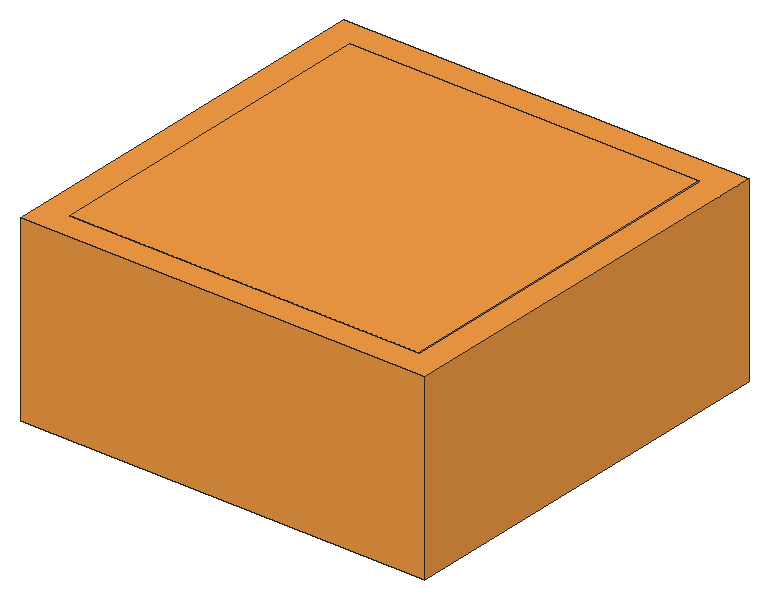
Revit family "Detector óptico de humos a 24V_Aguilera Electronica", category Dispositivos de alarma de incendios, Revit 2017
Family settings
  Anfitrión = Cara
  Mantener orientación de anotación = Sí
  Cota de conector redondo = Diámetro de uso
  Tipo de pieza = Normal
  Número OmniClass = 23.85.30.21.11.11.11
  Título OmniClass = Smoke Detectors
  Corte con vacíos al cargar = No
  Compartido = No
  Punto de cálculo de habitación = No
Parameters (values of type "Detector óptico de humos a 24V con enclavamiento con suplemento para superficie")
  Zona de acción 80 m2 = yes
  Zona de acción 60 m2 = yes
  Símbolo = yes
  Suplemento para superficie = yes
  Símbolo texto modelo = yes
  Radio = Diámetro / 2  # 52.5 mm
  Carcasa = Carcasa ABS
  Altura 3 = 48 mm  # constant formula
  Altura 2 = 30 mm
  URL = "https://aguilera.es/?productos=detector-optico-de-humos-a-24-v"
  Modelo = "AE002/OP + AE/C5-ZA"
  Fabricante = "Aguilera Electrónica"  # constant formula
  Default Elevation = 0 mm  # constant formula
  Diámetro = 105 mm  # constant formula
  Descripción = "Detector de humos del tipo óptico que opera según elprincipio de luz dispersa (efecto Tyndall). Permite detectarlos incendios en su primera fase de humos, antes deque se formen llamas o de que se produzcan aumentospeligrosos de temperatura. Con enclavamiento: Una vez que el detector entraen alarma debido a la presencia de humo, permaneceen estado de alarma. Para reponerlo y volver alestado de reposo es necesario quitarle la alimentacióndurante unos segundos.Con rearme automático: El detector pasa a estadode alarma en presencia de partículas de humo, y cuando este humo desaparece vuelve al estado de reposo."  # constant formula
  Type Comments = "Desarrollado y fabricado por Aguilera Electrónica según norma UNE EN54-7.\r\n\r\nCertificado por AENOR.\r\n\r\nFormado por cámara oscura, diseñada con un laberinto que permite entrar el humo pero no la luz, provista de emisor y receptor que operan según el principio de luz dispersa y un circuito con la electrónica adecuada para un correcto control.\r\n\r\nSalida para indicador de alarma remota, estabilizador de tensión y chequeo automático de funcionamiento, visible en el led luminoso el cual queda enclavado cuando entra en alarma. Montado en carcasa de ABS blanco de 105 Ø x 68 mm de alto.\r\n\r\nConsumo máximo: 180 ?A en reposo y 22 mA en alarma.\r\n"  # constant formula
  Altura 1 = 20 mm  # constant formula
Types (9, lengths in mm): name | Suplemento para superficie | Carcasa | Altura 2 | Modelo
  (no name) | yes | Carcasa ABS | 30 | "AE002/OP + AE/C5-ZA"
  Detector óptico de humos a 24V con enclavamiento | no | Carcasa ABS | 1 | "AE002/OP"
  Detector óptico de humos a 24V con enclavamiento con suplemento para superficie | yes | Carcasa ABS | 30 | "AE002/OP + AE/C5-ZA"
  Detector óptico de humos a 24V con enclavamiento con zócalo bajo | no | Carcasa ABS | 10 | "AE002/OP + AE/ZCB"
  Detector óptico de humos a 24V con enclavamiento con zócalo alto | no | Carcasa ABS | 22 | "AE002/OP + AE/ZCA"
  Detector óptico de humos a 24V con rearme automático | no | Carcasa ABS rojo | 1 | "AE002/OPS"
  Detector óptico de humos a 24V con rearme automático con suplemento para superficie | yes | Carcasa ABS rojo | 30 | "AE002/OPS + AE/C5-ZA"
  Detector óptico de humos a 24V con rearme automático con zócalo alto | no | Carcasa ABS rojo | 22 | "AE002/OPS + AE/ZCA"
  Detector óptico de humos a 24V con rearme automático con zócalo bajo | no | Carcasa ABS | 10 | "AE002/OPS + AE/ZCB"
Reference planes
  plane 1 "Centro (Frontal/Posterior)": y = 0
  plane 2: z = 0
  plane 3 "Centro (Izquierda/Derecha)": x = 0
  plane 4: z = 98
  plane 5: z = 50
  plane 6: z = 30
Forms (mm)
  Extrusion 1, solid
    sketch origin (0, 0, 0) x (1, 0, 0) y (0, 1, 0)
      loop
        line (-1219.2, 1219.2) -> (-1219.2, -1219.2) -> (1219.2, -1219.2) -> (1219.2, 1219.2) -> (-1219.2, 1219.2)
    from 0 to -304.8
  Revolve 2, solid, material "Carcasa ABS"
    sketch origin (0, 0, 0) x (0, 1, 0) y (0, 0, 1)
      loop
        line (-52.5, 30) -> (-52.5, 0) -> (0, 0) -> (0, 30) -> (-52.5, 30)
      axis (0, 30) -> (0, 0)
    angle from 0 to 360
  Extrusion 3, solid, material "Carcasa ABS", visible <- "Suplemento para superficie", detail levels medium+fine
    sketch origin (0, 0, 28.069) x (0, 1, 0) y (0, 0, 1)
      loop
        circle (0, -13.675) r 10
    from 46.956 to 49.451
  Extrusion 4, solid, material "Carcasa ABS", visible <- "Suplemento para superficie", detail levels medium+fine
    sketch origin (0, 0, 28.069) x (-1, 0, 0) y (0, 0, 1)
      loop
        circle (0, -13.675) r 10
    from 46.733 to 49.566
  Extrusion 5, solid, material "Carcasa ABS", visible <- "Suplemento para superficie", detail levels medium+fine
    sketch origin (0, 0, 28.069) x (0, 1, 0) y (0, 0, -1)
      loop
        circle (0, 13.675) r 10
    from 47.25 to 49.524
  Revolve 6, solid, material "Carcasa ABS" <- "Carcasa", detail levels medium+fine
    sketch origin (0, 0, 0) x (1, 0, 0) y (0, 0, 1)
      loop
        line (-18.204, 50) -> (0, 50) -> (0, 98) -> (-23.556, 98) -> (-29.289, 89.812) -> (-29.289, 54.812) -> (-47.248, 50)
        arc (-47.248, 50) -> (-50.962, 48.462) -> (-52.5, 44.748) r 5.252
        line (-52.5, 44.748) -> (-52.5, 30) -> (-18.204, 30) -> (-18.204, 50)
      axis (0, 30) -> (0, 98)
    angle from 0 to 360
  Extrusion 7, solid, material "Zona de acción", visible <- "Zona de acción 80 m2"
    sketch origin (-3703.865, 3705, 0) x (1, 0, 0) y (0, 1, 0)
      loop
        line (-746.135, -8155) -> (8153.865, -8155) -> (8153.865, 745) -> (-746.135, 745) -> (-746.135, -8155)
    from 0 to 4000
  Extrusion 8, solid, material "Zona de acción", visible <- "Zona de acción 60 m2"
    sketch origin (-4303.865, 3105, 0) x (1, 0, 0) y (0, 1, 0)
      loop
        line (453.865, -6955) -> (8153.865, -6955) -> (8153.865, 745) -> (453.865, 745) -> (453.865, -6955)
    from 0 to 4000
Dimensions and locks
  "Altura 2": plane 6 to Extrusion 1
  "Altura 1": plane 5 to plane 6
  "Altura 3": plane 4 to plane 5
  "Radio": Revolve 2 sketch curve to Revolve 2 sketch curve
  "Radio": plane 3 "Centro (Izquierda/Derecha)" to Revolve 6 sketch curve
  aligned and locked: plane 2 to Extrusion 1
  aligned and locked: level to Extrusion 1
  aligned and locked: Extrusion 1 to Revolve 2 sketch curve
  aligned and locked: plane 1 "Centro (Frontal/Posterior)" to Revolve 2 sketch curve  (x2)
  aligned and locked: Revolve 2 sketch curve to plane 6
  aligned and locked: Revolve 6 sketch curve to plane 3 "Centro (Izquierda/Derecha)"
  aligned and locked: plane 6 to Revolve 6 sketch curve
Automatic sketch dimensions
  Extrusion 1 sketch curve to Extrusion 1 sketch curve = 2438.4 mm  (x2)
  Extrusion 3 sketch curve to plane 1 "Centro (Frontal/Posterior)" = 0 mm
  level to Extrusion 3 sketch curve = 14.394 mm
  Extrusion 4 sketch curve to plane 3 "Centro (Izquierda/Derecha)" = 0 mm
  level to Extrusion 4 sketch curve = 14.394 mm
  Extrusion 5 sketch curve to plane 1 "Centro (Frontal/Posterior)" = 0 mm
  level to Extrusion 5 sketch curve = 14.394 mm
  Extrusion 7 sketch curve to plane 3 "Centro (Izquierda/Derecha)" = 4450 mm
  plane 3 "Centro (Izquierda/Derecha)" to Extrusion 7 sketch curve = 4450 mm
  plane 1 "Centro (Frontal/Posterior)" to Extrusion 7 sketch curve = 4450 mm
  Extrusion 7 sketch curve to plane 1 "Centro (Frontal/Posterior)" = 4450 mm
  Extrusion 8 sketch curve to plane 3 "Centro (Izquierda/Derecha)" = 3850 mm
  plane 3 "Centro (Izquierda/Derecha)" to Extrusion 8 sketch curve = 3850 mm
  plane 1 "Centro (Frontal/Posterior)" to Extrusion 8 sketch curve = 3850 mm
  Extrusion 8 sketch curve to plane 1 "Centro (Frontal/Posterior)" = 3850 mm
  Revolve 2 sketch curve to level = 4.781 mm
  Revolve 2 sketch curve to Revolve 2 sketch curve = 7.426 mm
  Revolve 6 sketch curve to plane 5 = 0 mm  (x2)
  Revolve 6 sketch curve to plane 4 = 0 mm
  Revolve 6 sketch curve to plane 3 "Centro (Izquierda/Derecha)" = 0 mm
  Revolve 6 sketch curve to Revolve 6 sketch curve = 5.252 mm
  plane 5 to Revolve 6 sketch curve = 4.812 mm
  Revolve 6 sketch curve to Revolve 6 sketch curve = 17.958 mm
  Revolve 6 sketch curve to Revolve 6 sketch curve = 5.733 mm
  Revolve 6 sketch curve to plane 3 "Centro (Izquierda/Derecha)" = 18.204 mm
  Revolve 6 sketch curve to plane 4 = 8.188 mm
  plane 6 to Revolve 6 sketch curve = 2.38 mm
  Revolve 6 sketch curve to Revolve 6 sketch curve = 8.62 mm
  radius of Extrusion 3 sketch curve = 10 mm
  radius of Extrusion 4 sketch curve = 10 mm
  radius of Extrusion 5 sketch curve = 10 mm
Nested families
  nested 1: "S_Detector óptico perfil bajo_Aguilera Electronica" at (0, 2.084, 0), visible <- "Símbolo", type "S_Detector óptico perfil bajo_Aguilera Electronica", detail levels coarse
Connectors
  cabletrayconduit at (49.451, 0, 14.394), diameter 20
    settings: on Extrusion 3, index 2, connector width 300 mm, connector height 300 mm, connector angle 0.00°, system type 32, placement type 0, profile type 0, connector reference index -1, is primary connector yes, connector utility param no, connector description ""
  cabletrayconduit at (0, 49.566, 14.394), diameter 20
    settings: on Extrusion 4, index 3, connector width 300 mm, connector height 300 mm, connector angle 0.00°, system type 32, placement type 0, profile type 0, connector reference index -1, is primary connector no, connector utility param no, connector description ""
  cabletrayconduit at (-49.524, 0, 14.394), diameter 20
    settings: on Extrusion 5, index 4, connector width 300 mm, connector height 300 mm, connector angle 0.00°, system type 32, placement type 0, profile type 0, connector reference index -1, is primary connector no, connector utility param no, connector description ""
  electrical at (0, 0, 0), driven by "Modelo"
    settings: on Revolve 2, index 5, voltage 0 V, apparent load 0 VA, apparent load phase1 0 VA, apparent load phase2 0 VA, apparent load phase3 0 VA, power factor 1, load classification "Otro", number of poles 1, system type 11, power factor state 1, is connector primary yes, connector utility no, sub classification motor no, connector description "AE002/OP + AE/C5-ZA"
Definition of nested family "S_Detector óptico perfil bajo_Aguilera Electronica"
  Parameters (values of type "S_Detector óptico perfil bajo_Aguilera Electronica")
    Texto símbolo = "OP"
    Texto modelo = yes
    Modelo = "Detector óptico"
  Reference planes
    plane 1: y = 0
    plane 2: x = 0
  Lines and regions (mm)
    detail lines
      curve 1: line (-4.116, -2.084, 0) -> (4.116, -2.084, 0)
      curve 2: line (-4.116, 2.084, 0) -> (-4.116, -2.084, 0)
      curve 3: line (4.116, 2.084, 0) -> (-4.116, 2.084, 0)
      curve 4: line (4.116, -2.084, 0) -> (4.116, 2.084, 0)
      curve 5: line (-3.183, 0, 0) -> (-1.842, 1.341, 0)
      curve 6: line (-1.842, 1.341, 0) -> (0.89, -1.392, 0)
      curve 7: line (0.89, -1.392, 0) -> (2.316, 0.034, 0)
      curve 8: circle (2.705, -0.432, 0) r 0.607 normal (0, 0, 1)
  Text (mm)
    label "Texto símbolo" at (-2.438, -1.13, 0), shows "Texto símbolo"
    label "Modelo" at (0.158, -3.714, 0), shows "Modelo", visible <- "Texto modelo"
